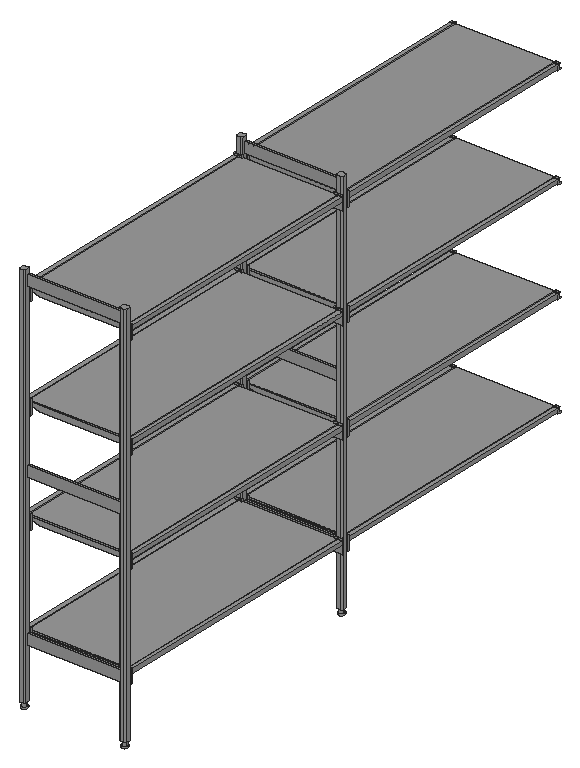
Revit family "QF_ZANUSSI_137086_CLS2372", category Attrezzature speciali, Revit 2020 (continued)
Definition of nested family "WT_Aggancio475"
  Dimensions and locks
    equal spacing: plane 7, plane 6 "Center (Front/Back)", plane 8
    equal spacing: plane 3 "BACK", plane 6 "Center (Front/Back)", plane 4 "FRONT"
    plane 9 "FEET" to level = 25.0 mm
    plane 5 "TOP" to plane 9 "FEET" = 1700.0 mm
    plane 10 to plane 9 "FEET" = 250.0 mm
    plane 11 to plane 10 = 450.0 mm
    plane 12 to plane 11 = 450.0 mm
    plane 13 to plane 12 = 450.0 mm
    locked: plane 3 "BACK" to plane 15 "CYBack" at 17.5
    locked: plane 16 "CYFront" to plane 4 "FRONT" at 17.5
    aligned and locked: level to plane 1
    aligned and locked: Extrusion 1 sketch curve to Extrusion 1 sketch curve  (x3)
  Automatic sketch dimensions
    plane 16 "CYFront" to Extrusion 1 sketch curve = 1.478 mm  (x4)
    Extrusion 1 sketch curve to Extrusion 1 sketch curve = 2.0 mm
    plane 8 to Extrusion 1 sketch curve = 3.478 mm  (x4)
    Extrusion 1 sketch curve to plane 10 = 4.006 mm
    Extrusion 1 sketch curve to Extrusion 1 sketch curve = 34.0 mm  (x4)
    Extrusion 1 sketch curve to plane 11 = 4.006 mm
    Extrusion 1 sketch curve to plane 12 = 4.006 mm
    Extrusion 1 sketch curve to plane 13 = 4.006 mm
    Extrusion 1 sketch curve to plane 7 = 37.522 mm  (x4)
    Extrusion 1 sketch curve to plane 7 = 3.522 mm  (x4)
    plane 14 to Extrusion 1 sketch curve = 3.516 mm  (x4)
    plane 14 to Extrusion 1 sketch curve = 1.522 mm  (x4)
    plane 10 to Extrusion 1 sketch curve = 7.998 mm  (x2)
    Extrusion 1 sketch curve to Extrusion 1 sketch curve = 11.498 mm  (x4)
    Extrusion 1 sketch curve to Extrusion 1 sketch curve = 6.499 mm  (x8)
    plane 11 to Extrusion 1 sketch curve = 7.998 mm  (x2)
    plane 12 to Extrusion 1 sketch curve = 7.998 mm  (x2)
    plane 13 to Extrusion 1 sketch curve = 7.998 mm  (x2)
    plane 2 "LEFT" to Extrusion 2 sketch curve = 0.0 mm  (x4)
    plane 13 to Extrusion 2 sketch curve = 7.996 mm
    plane 11 to Extrusion 2 sketch curve = 7.996 mm
    Extrusion 2 sketch curve to Extrusion 2 sketch curve = 5.0 mm  (x4)
    plane 11 to Extrusion 2 sketch curve = 2.494 mm
    plane 10 to Extrusion 2 sketch curve = 28.996 mm
    Extrusion 2 sketch curve to Extrusion 2 sketch curve = 3.0 mm  (x4)
    plane 10 to Extrusion 2 sketch curve = 7.996 mm
    plane 10 to Extrusion 2 sketch curve = 2.494 mm
    Extrusion 2 sketch curve to Extrusion 2 sketch curve = 18.0 mm  (x3)
    plane 12 to Extrusion 2 sketch curve = 2.494 mm
    plane 12 to Extrusion 2 sketch curve = 7.996 mm
    plane 13 to Extrusion 2 sketch curve = 2.494 mm
    plane 2 "LEFT" to Extrusion 3 sketch curve = 0.0 mm  (x4)
    plane 13 to Extrusion 3 sketch curve = 7.996 mm
    plane 11 to Extrusion 3 sketch curve = 7.996 mm
    Extrusion 3 sketch curve to Extrusion 3 sketch curve = 5.0 mm  (x4)
    plane 11 to Extrusion 3 sketch curve = 2.494 mm
    plane 10 to Extrusion 3 sketch curve = 28.996 mm
    Extrusion 3 sketch curve to Extrusion 3 sketch curve = 3.0 mm  (x4)
    plane 10 to Extrusion 3 sketch curve = 7.996 mm
    plane 10 to Extrusion 3 sketch curve = 2.494 mm
    Extrusion 3 sketch curve to Extrusion 3 sketch curve = 18.0 mm  (x3)
    plane 12 to Extrusion 3 sketch curve = 2.494 mm
    plane 12 to Extrusion 3 sketch curve = 7.996 mm
    plane 13 to Extrusion 3 sketch curve = 2.494 mm
    plane 2 "LEFT" to curve 1 = 5.0 mm
    plane 2 "LEFT" to curve 7 = 5.0 mm
    curve 1 to plane 16 "CYFront" = 17.5 mm
    curve 3 to plane 8 = 12.522 mm
    plane 7 to curve 5 = 12.478 mm
    curve 7 to plane 14 = 17.5 mm
    curve 5 to curve 5 = 4.0 mm
    curve 1 to curve 4 = 4.0 mm
    Extrusion 2 sketch curve to Extrusion 2 sketch curve = 4.0 mm  (x4)
    Extrusion 2 sketch curve to Extrusion 2 sketch curve = 8.969 mm  (x4)
    Extrusion 3 sketch curve to Extrusion 3 sketch curve = 4.0 mm  (x4)
    Extrusion 3 sketch curve to Extrusion 3 sketch curve = 8.969 mm  (x4)
